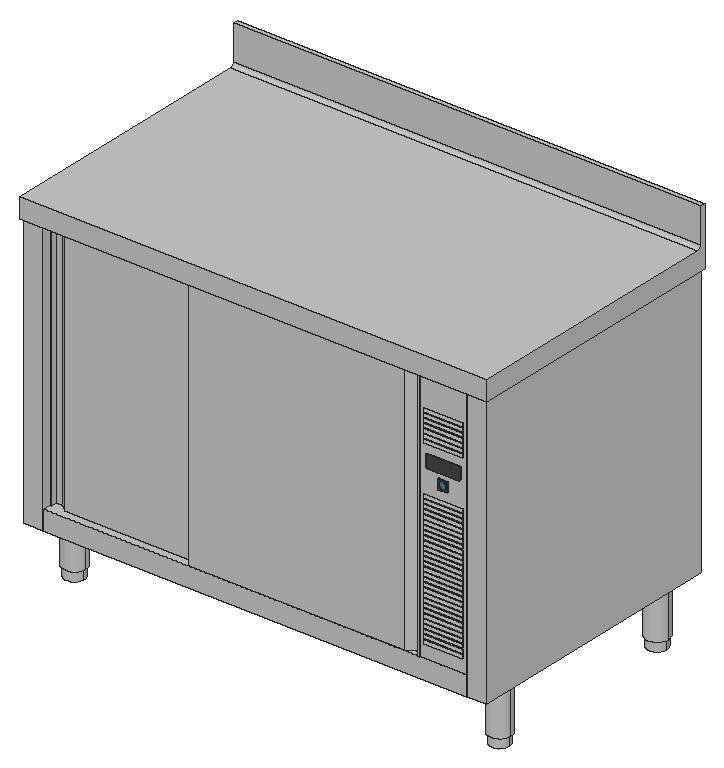
Revit family "QF_ZANUSSI_133093_TC1210EN", category Specialty Equipment, Revit 2021
Family settings
  Round Connector Dimension = Use Diameter
  Part Type = Normal
  Work Plane-Based = No
  Always vertical = Yes
  Cut with Voids When Loaded = No
  Shared = No
  Room Calculation Point = No
Parameters (values of type "Standard")
  Weight = 55.00 kg
  Watts = 0 W
  Volts = 220 V
  URL Manufacturer = "http://www.zanussiprofessional.com"
  URL = "http://www.zanussiprofessional.com"
  Steam Supply Size = 0 mm
  Steam Supply Minimum Pressure = 0.0 Pa
  Steam Supply Maximum Pressure = 0.0 Pa
  Steam Consumption per Hour = 0
  Refrigeration Suction Line Size = 0.0 mm
  Refrigeration Liquid Line Size = 0.0 mm
  Refrigerant Compressor Remote = yes
  Default Elevation = 0.0 mm
  Manufacturer = "Zanussi"
  Phase = 1
  Model = "TC1210EN"
  Length Actual = 1200.0 mm
  Item Number = "133093"
  Hot Water Size = 0 mm
  Height Actual = 1000.0 mm
  HP = "3.2 HP"
  Gas Size = 0 mm
  Gas KW = 0
  Gas Input Pressure = 0 W
  Direct Waste Size = 0 mm
  Description = "HOT CUPBOARD WITH UPSTAND 1200 MM"
  Depth Actual = 700.0 mm
  Cycle = 50 Hz
  Condensate Return Size = 0 mm
  Compressed Air Volume = 0.0 L/s
  Compressed Air Size = 0 mm
  Compressed Air Pressure = 0.0 Pa
  Cold Water Size = 0 mm
  Accessory = no
Reference planes
  plane 1 "Center (Front/Back)": y = 0
  plane 2: z = 0
  plane 3 "Center (Left/Right)": x = -100
  plane 4 "LEFT": x = -700
  plane 5 "RIGHT": x = 500
  plane 6 "BACK": y = 350
  plane 7 "FRONT": y = -350
  plane 8 "Base": z = 850
  plane 9 "TOP": z = 900
  plane 10: x = -646.5
  plane 11: x = 446.5
  plane 12: y = 264.5
  plane 13: y = -241.5
  plane 14 "BodyLeft": x = -694.5
  plane 15 "BodyFront": y = -344.5
  plane 16 "BodyRight": x = 494.5
  plane 17 "BodyBack": y = 344.5
  plane 18 "FEET": z = 150
  plane 19: x = 324.5
  plane 20: x = -161
  plane 21: x = 444.5
  plane 22 "EIx": x = 400
  plane 23 "EIy": y = -170
Forms (mm)
  Extrusion 1, solid, material "QF_Finishes_Stainless Steel"
    sketch origin (-100, 0, 0) x (0, 1, 0) y (0, 0, 1)
      loop
        line (-350, 850) -> (350, 850) -> (350, 1000) -> (337, 1000) -> (337, 910)
        arc (337, 910) -> (334.071, 902.929) -> (327, 900) r 10
        line (327, 900) -> (-350, 900) -> (-350, 850)
    from 600 to -600
  Extrusion 2, solid, material "QF_Finishes_Stainless Steel"
    sketch origin (0, 0, 150) x (-1, 0, 0) y (0, -1, 0)
      loop
        line (694.5, -344.5) -> (694.5, 344.5) -> (644.5, 344.5) -> (644.5, -344.5) -> (694.5, -344.5)
      loop
        line (-444.5, -344.5) -> (-444.5, 344.5) -> (-494.5, 344.5) -> (-494.5, -344.5) -> (-444.5, -344.5)
    from 0 to 700
  Extrusion 3, solid, material "QF_Finishes_Stainless Steel"
    sketch origin (0, 0, 150) x (-1, 0, 0) y (0, -1, 0)
      loop
        line (644.5, -344.5) -> (644.5, 344.5) -> (-444.5, 344.5) -> (-444.5, -344.5) -> (644.5, -344.5)
    from 0 to 50
  Extrusion 4, solid, material "QF_Finishes_Stainless Steel"
    sketch origin (-1, 0, 150) x (-1, 0, 0) y (0, -1, 0)
      loop
        line (-325.5, 344.5) -> (-325.5, 324.5) -> (270.5, 324.5) -> (270.5, 344.5) -> (-285.5, 344.5) -> (-305.5, 329.5) -> (-320.5, 329.5) -> (-320.5, 344.5) -> (-325.5, 344.5)
    from 50 to 700
  Extrusion 5, solid, material "QF_Finishes_Stainless Steel"
    sketch origin (1, 20, 150) x (1, 0, 0) y (0, 1, 0)
      loop
        line (-645.5, -344.5) -> (-640.5, -344.5) -> (-640.5, -329.5) -> (-625.5, -329.5) -> (-605.5, -344.5) -> (-51.5, -344.5) -> (-51.5, -324.5) -> (-645.5, -324.5) -> (-645.5, -344.5)
    from 50 to 700
  Extrusion 6, solid, material "QF_Finishes_Stainless Steel"
    sketch origin (0, 0, 0) x (1, 0, 0) y (0, 1, 0)
      loop
        line (-644.5, -304.5) -> (324.5, -304.5) -> (324.5, 324.5) -> (-644.5, 324.5) -> (-644.5, -304.5)
    from 500 to 540
  Extrusion 7, solid, material "QF_Finishes_Stainless Steel"
    sketch origin (0, 0, 0) x (1, 0, 0) y (0, 1, 0)
      loop
        line (444.5, 344.5) -> (-644.5, 344.5) -> (-644.5, 324.5) -> (444.5, 324.5) -> (444.5, 344.5)
    from 200 to 850
  Extrusion 8, solid, material "QF_Finishes_Stainless Steel"
    sketch origin (0, 0, 150) x (-1, 0, 0) y (0, -1, 0)
      loop
        circle (-400, 170) r 10
    from 0 to -5
Cuts and joins
  joined: Extrusion 3, Extrusion 7
Lines and regions (mm)
  symbolic lines
    curve 1: line (500, 350, 900) -> (-700, 350, 900)
    curve 2: line (-700, 350, 900) -> (-700, -350, 900)
    curve 3: line (-700, -350, 900) -> (500, -350, 900)
    curve 4: line (500, -350, 900) -> (500, 350, 900)
    curve 15: line (500, 337, 900) -> (-700, 337, 900)
  symbolic lines, style "SpecialityEquipmentHiddenLines"
    curve 5: line (-694.5, 344.5, 150) -> (494.5, 344.5, 150)
    curve 6: line (-694.5, -344.5, 150) -> (-694.5, 344.5, 150)
    curve 7: line (494.5, -344.5, 150) -> (-694.5, -344.5, 150)
    curve 8: line (494.5, 344.5, 150) -> (494.5, -344.5, 150)
    curve 9: line (-645.5, -304.5, 150) -> (-49.5, -304.5, 150)
    curve 10: line (-49.5, -304.5, 150) -> (-49.5, -324.5, 150)
    curve 11: line (-645.5, -324.5, 150) -> (324.5, -324.5, 150)
    curve 12: line (324.5, -324.5, 150) -> (324.5, -344.5, 150)
    curve 13: line (-645.5, -304.5, 150) -> (-645.5, -324.5, 150)
    curve 14: line (-271.5, -344.5, 0) -> (-271.5, -324.5, 0)
Dimensions and locks
  plane 4 "LEFT" to plane 5 "RIGHT" = 1200.0 mm
  equal spacing: plane 4 "LEFT", plane 3 "Center (Left/Right)", plane 5 "RIGHT"
  locked: plane 8 "Base" to level at 850
  plane 9 "TOP" to level = 900.0 mm
  plane 6 "BACK" to plane 7 "FRONT" = 700.0 mm
  equal spacing: plane 6 "BACK", plane 1 "Center (Front/Back)", plane 7 "FRONT"
  locked: plane 4 "LEFT" to plane 14 "BodyLeft" at 5.5
  locked: plane 16 "BodyRight" to plane 5 "RIGHT" at 5.5
  locked: plane 15 "BodyFront" to plane 7 "FRONT" at 5.5
  locked: plane 6 "BACK" to plane 17 "BodyBack" at 5.5
  locked: plane 14 "BodyLeft" to plane 10 at 48
  locked: plane 11 to plane 16 "BodyRight" at 48
  locked: plane 13 to plane 15 "BodyFront" at 103
  locked: plane 17 "BodyBack" to plane 12 at 80
  plane 10 to plane 11 = 1093.0 mm
  plane 12 to plane 13 = 506.0 mm
  locked: plane 14 "BodyLeft" to Extrusion 2 sketch curve at 50
  locked: Extrusion 2 sketch curve to Extrusion 2 sketch curve at 50
  equal spacing: plane 10, plane 20, plane 19
  locked: plane 21 to plane 16 "BodyRight" at 50
  locked: plane 19 to plane 21 at 120
  locked: Extrusion 4 sketch curve to plane 20 at 110.5
  locked: plane 20 to Extrusion 5 sketch curve at 110.5
  locked: plane 18 "FEET" to level at 150
  locked: plane 22 "EIx" to plane 5 "RIGHT" at 100
  plane 23 "EIy" to plane 7 "FRONT" = 180.0 mm
  locked: Extrusion 1 to level at 1000
  aligned and locked: level to plane 2
  aligned and locked: plane 10 to nested 1
  aligned and locked: nested 1 to plane 13
  aligned and locked: plane 11 to nested 2
  aligned and locked: nested 2 to plane 13
  aligned and locked: plane 11 to nested 4
  aligned and locked: nested 4 to plane 12
  aligned and locked: plane 10 to nested 3
  aligned and locked: nested 3 to plane 12
  aligned and locked: Extrusion 1 to plane 4 "LEFT"
  aligned and locked: plane 5 "RIGHT" to Extrusion 1
  aligned and locked: curve 2 to plane 4 "LEFT"
  aligned and locked: plane 17 "BodyBack" to Extrusion 2 sketch curve
  aligned and locked: Extrusion 2 sketch curve to plane 15 "BodyFront"
  aligned and locked: Extrusion 2 sketch curve to plane 14 "BodyLeft"
  aligned and locked: plane 16 "BodyRight" to Extrusion 2 sketch curve
  aligned and locked: Extrusion 2 sketch curve to plane 17 "BodyBack"
  aligned and locked: plane 15 "BodyFront" to Extrusion 2 sketch curve
  aligned and locked: Extrusion 3 sketch curve to plane 17 "BodyBack"
  aligned and locked: plane 15 "BodyFront" to Extrusion 3 sketch curve
  aligned and locked: plane 8 "Base" to Extrusion 2
  aligned and locked: plane 8 "Base" to Extrusion 4
  aligned and locked: Extrusion 4 to Extrusion 3
  aligned and locked: Extrusion 1 to plane 8 "Base"
  aligned and locked: plane 9 "TOP" to Extrusion 1
  aligned and locked: curve 5 to plane 17 "BodyBack"
  aligned and locked: plane 14 "BodyLeft" to curve 6
  aligned and locked: plane 15 "BodyFront" to curve 7
  aligned and locked: plane 16 "BodyRight" to curve 8
  aligned and locked: Extrusion 3 to Extrusion 2  (x2)
  aligned and locked: Extrusion 6 sketch curve to Extrusion 2
  aligned and locked: Extrusion 6 sketch curve to Extrusion 5
  aligned and locked: nested 5 to plane 21
  aligned and locked: Extrusion 7 sketch curve to Extrusion 2
  aligned and locked: Extrusion 6 sketch curve to plane 19
Automatic sketch dimensions
  Extrusion 8 sketch curve to plane 22 "EIx" = 0.0 mm
  Extrusion 8 sketch curve to plane 23 "EIy" = 0.0 mm
  curve 14 to plane 15 "BodyFront" = 0.0 mm
  plane 15 "BodyFront" to curve 14 = 20.0 mm
  curve 14 to plane 20 = 110.5 mm
  curve 3 to plane 7 "FRONT" = 0.0 mm
  curve 15 to plane 5 "RIGHT" = 0.0 mm
  curve 4 to plane 6 "BACK" = 0.0 mm
  curve 15 to plane 17 "BodyBack" = 7.5 mm
  Extrusion 1 sketch curve to plane 7 "FRONT" = 0.0 mm
  Extrusion 1 sketch curve to plane 9 "TOP" = 0.0 mm
  Extrusion 1 sketch curve to plane 6 "BACK" = 0.0 mm
  Extrusion 1 sketch curve to plane 8 "Base" = 0.0 mm
  Extrusion 1 sketch curve to plane 17 "BodyBack" = 17.5 mm
  Extrusion 1 sketch curve to plane 17 "BodyBack" = 7.5 mm
  Extrusion 1 sketch curve to Extrusion 1 sketch curve = 90.0 mm
  Extrusion 3 sketch curve to plane 21 = 0.0 mm
  plane 10 to Extrusion 3 sketch curve = 2.0 mm
  Extrusion 4 sketch curve to plane 19 = 0.0 mm
  Extrusion 4 sketch curve to plane 15 "BodyFront" = 0.0 mm  (x2)
  Extrusion 4 sketch curve to Extrusion 4 sketch curve = 5.0 mm
  Extrusion 4 sketch curve to Extrusion 4 sketch curve = 15.0 mm  (x2)
  Extrusion 4 sketch curve to Extrusion 4 sketch curve = 20.0 mm  (x2)
  Extrusion 5 sketch curve to plane 15 "BodyFront" = 20.0 mm  (x2)
  Extrusion 5 sketch curve to plane 10 = 42.0 mm
  Extrusion 5 sketch curve to plane 10 = 22.0 mm
  Extrusion 5 sketch curve to plane 10 = 7.0 mm
  Extrusion 5 sketch curve to plane 10 = 2.0 mm
  Extrusion 5 sketch curve to Extrusion 5 sketch curve = 15.0 mm
  Extrusion 5 sketch curve to Extrusion 5 sketch curve = 20.0 mm
  curve 12 to plane 19 = 0.0 mm
  curve 7 to plane 15 "BodyFront" = 0.0 mm
  plane 3 "Center (Left/Right)" to curve 10 = 50.5 mm
  plane 10 to curve 13 = 1.0 mm
  plane 15 "BodyFront" to curve 9 = 40.0 mm
  plane 15 "BodyFront" to curve 11 = 20.0 mm
  Extrusion 6 sketch curve to plane 17 "BodyBack" = 20.0 mm
  Extrusion 7 sketch curve to plane 21 = 0.0 mm
  Extrusion 7 sketch curve to plane 17 "BodyBack" = 0.0 mm
  Extrusion 7 sketch curve to Extrusion 7 sketch curve = 20.0 mm
  radius of Extrusion 8 sketch curve = 10.0 mm
Nested families
  nested 1: "FEET_D58-150" at (-646.5, -241.5, 0), type "FEET_D58-150"
  nested 2: "FEET_D58-150" at (446.5, -241.5, 0), type "FEET_D58-150"
  nested 3: "FEET_D58-150" at (-646.5, 264.5, 0), type "FEET_D58-150"
  nested 4: "FEET_D58-150" at (446.5, 264.5, 0), type "FEET_D58-150"
  nested 5: "WT_PNL120x650" at (531.42, -304.5, 600) x (1, 0, 0) z (0, -1, 0), type "WT_PNL120x650"
    with Show Logo yes
Connectors
  electrical at (400, -170, 145)
    settings: on Extrusion 8, index 1, voltage 0 V, apparent load 0 VA, apparent load phase1 0 VA, apparent load phase2 0 VA, apparent load phase3 0 VA, power factor 1, load classification "Other", number of poles 1, system type 30, power factor state 1, is connector primary yes, connector utility no, sub classification motor no, connector description "Electrical connection"
Definition of nested family "FEET_D58-150"
  Parameters
    Default Elevation = 0.0 mm
    FEET = 150.0 mm
  Reference planes
    plane 1 "Center (Front/Back)": y = 0
    plane 2: z = 0
    plane 3 "Center (Left/Right)": x = 0
    plane 4: z = 150
  Forms (mm)
    Extrusion 1, solid
      sketch origin (0, 0, 0) x (1, 0, 0) y (0, 1, 0)
        loop
          circle (0, 0) r 25
      from 0 to 25
    Extrusion 2, solid
      sketch origin (0, 0, 0) x (1, 0, 0) y (0, 1, 0)
        loop
          circle (0.061, 0) r 29
      from 25 to 150 <- "FEET"
  Lines and regions (mm)
    symbolic lines
      curve 1: line (0, -1.503, 0) -> (0, 1.508, 0)
      curve 2: line (1.561, 0, 0) -> (-1.439, 0, 0)
  Dimensions and locks
    "FEET": plane 4 to plane 2
    aligned and locked: level to plane 2
  Automatic sketch dimensions
    plane 1 "Center (Front/Back)" to Extrusion 1 sketch curve = 0.0 mm
    Extrusion 1 sketch curve to plane 3 "Center (Left/Right)" = 0.0 mm
    plane 1 "Center (Front/Back)" to curve 2 = 0.0 mm
    curve 1 to plane 3 "Center (Left/Right)" = 0.0 mm
    curve 2 to plane 3 "Center (Left/Right)" = 1.439 mm
    plane 3 "Center (Left/Right)" to curve 2 = 1.561 mm
    plane 1 "Center (Front/Back)" to curve 1 = 1.503 mm
    curve 1 to plane 1 "Center (Front/Back)" = 1.508 mm
    plane 1 "Center (Front/Back)" to Extrusion 2 sketch curve = 0.0 mm
    plane 3 "Center (Left/Right)" to Extrusion 2 sketch curve = 0.061 mm
    radius of Extrusion 1 sketch curve = 25.0 mm
    radius of Extrusion 2 sketch curve = 29.0 mm
Definition of nested family "WT_PNL120x650"
  Parameters
    Show Logo [instance] = yes
    Default Elevation = 1219.2 mm
  Reference planes
    plane 1 "Center (Front/Back)": y = -75
    plane 2: z = 0
    plane 3 "Center (Left/Right)": x = -146.92
    plane 4: x = -206.92
    plane 5: x = -86.92
    plane 6: y = 250
    plane 7: y = -400
    plane 8 "TOP": z = 40
  Forms (mm)
    Extrusion 1, solid
      sketch origin (0, 0, 0) x (1, 0, 0) y (0, 1, 0)
        loop
          line (-1219.2, 1219.2) -> (-1219.2, -1219.2) -> (1219.2, -1219.2) -> (1219.2, 1219.2) -> (-1219.2, 1219.2)
      from 0 to -304.8
    Extrusion 2, solid
      sketch origin (0, 0, 0) x (1, 0, 0) y (0, 1, 0)
        loop
          line (-206.92, 250) -> (-206.92, -400) -> (-86.92, -400) -> (-86.92, 250) -> (-206.92, 250)
      from 0 to 40
    Extrusion 3, void
      sketch origin (0, 0, 40) x (-1, 0, 0) y (0, -1, 0)
        loop
          arc (101.92, -68.899) -> (103.795, -73.256) -> (108.247, -74.89) r 6
          line (108.247, -74.89) -> (185.92, -74.89)
          arc (185.92, -74.89) -> (190.163, -73.133) -> (191.92, -68.89) r 6
          line (191.92, -68.89) -> (191.92, -45.89)
          arc (191.92, -45.89) -> (190.163, -41.648) -> (185.92, -39.89) r 6
          line (185.92, -39.89) -> (107.92, -39.89)
          arc (107.92, -39.89) -> (103.677, -41.648) -> (101.92, -45.89) r 6
          line (101.92, -45.89) -> (101.92, -68.899)
        loop
          line (158.92, -27.89) -> (158.92, -2.89) -> (134.92, -2.89) -> (134.92, -27.89) -> (158.92, -27.89)
      from -2 to 0
    Extrusion 4, solid
      sketch origin (0, 0, 40) x (-1, 0, 0) y (0, -1, 0)
        loop
          line (185.92, -39.89) -> (107.92, -39.89)
          arc (107.92, -39.89) -> (103.677, -41.648) -> (101.92, -45.89) r 6
          line (101.92, -45.89) -> (101.92, -68.899)
          arc (101.92, -68.899) -> (103.795, -73.256) -> (108.247, -74.89) r 6
          line (108.247, -74.89) -> (185.92, -74.89)
          arc (185.92, -74.89) -> (190.163, -73.133) -> (191.92, -68.89) r 6
          line (191.92, -68.89) -> (191.92, -45.89)
          arc (191.92, -45.89) -> (190.163, -41.648) -> (185.92, -39.89) r 6
      from -2 to 1
    Extrusion 5, solid
      sketch origin (-146.92, 0, 0) x (0, 1, 0) y (0, 0, 1)
        loop
          line (95.896, 40) -> (104.899, 40) -> (95.896, 41.206) -> (95.896, 40)
        loop
          line (107.896, 40) -> (116.899, 40) -> (107.896, 41.206) -> (107.896, 40)
        loop
          line (119.896, 40) -> (128.899, 40) -> (119.896, 41.206) -> (119.896, 40)
        loop
          line (131.896, 40) -> (140.899, 40) -> (131.896, 41.206) -> (131.896, 40)
        loop
          line (143.896, 40) -> (152.899, 40) -> (143.896, 41.206) -> (143.896, 40)
        loop
          line (155.896, 40) -> (164.899, 40) -> (155.896, 41.206) -> (155.896, 40)
        loop
          line (167.896, 40) -> (176.899, 40) -> (167.896, 41.206) -> (167.896, 40)
        loop
          line (-102.104, 40) -> (-93.101, 40) -> (-102.104, 41.206) -> (-102.104, 40)
        loop
          line (-90.104, 40) -> (-81.101, 40) -> (-90.104, 41.206) -> (-90.104, 40)
        loop
          line (-78.104, 40) -> (-69.101, 40) -> (-78.104, 41.206) -> (-78.104, 40)
        loop
          line (-66.104, 40) -> (-57.101, 40) -> (-66.104, 41.206) -> (-66.104, 40)
        loop
          line (-54.104, 40) -> (-45.101, 40) -> (-54.104, 41.206) -> (-54.104, 40)
        loop
          line (-42.104, 40) -> (-33.101, 40) -> (-42.104, 41.206) -> (-42.104, 40)
        loop
          line (-30.104, 40) -> (-21.101, 40) -> (-30.104, 41.206) -> (-30.104, 40)
        loop
          line (-174.104, 40) -> (-165.101, 40) -> (-174.104, 41.206) -> (-174.104, 40)
        loop
          line (-162.104, 40) -> (-153.101, 40) -> (-162.104, 41.206) -> (-162.104, 40)
        loop
          line (-150.104, 40) -> (-141.101, 40) -> (-150.104, 41.206) -> (-150.104, 40)
        loop
          line (-138.104, 40) -> (-129.101, 40) -> (-138.104, 41.206) -> (-138.104, 40)
        loop
          line (-126.104, 40) -> (-117.101, 40) -> (-126.104, 41.206) -> (-126.104, 40)
        loop
          line (-114.104, 40) -> (-105.101, 40) -> (-114.104, 41.206) -> (-114.104, 40)
        loop
          line (-246.104, 40) -> (-237.101, 40) -> (-246.104, 41.206) -> (-246.104, 40)
        loop
          line (-234.104, 40) -> (-225.101, 40) -> (-234.104, 41.206) -> (-234.104, 40)
        loop
          line (-222.104, 40) -> (-213.101, 40) -> (-222.104, 41.206) -> (-222.104, 40)
        loop
          line (-210.104, 40) -> (-201.101, 40) -> (-210.104, 41.206) -> (-210.104, 40)
        loop
          line (-198.104, 40) -> (-189.101, 40) -> (-198.104, 41.206) -> (-198.104, 40)
        loop
          line (-186.104, 40) -> (-177.101, 40) -> (-186.104, 41.206) -> (-186.104, 40)
        loop
          line (-318.104, 40) -> (-309.101, 40) -> (-318.104, 41.206) -> (-318.104, 40)
        loop
          line (-306.104, 40) -> (-297.101, 40) -> (-306.104, 41.206) -> (-306.104, 40)
        loop
          line (-294.104, 40) -> (-285.101, 40) -> (-294.104, 41.206) -> (-294.104, 40)
        loop
          line (-282.104, 40) -> (-273.101, 40) -> (-282.104, 41.206) -> (-282.104, 40)
        loop
          line (-270.104, 40) -> (-261.101, 40) -> (-270.104, 41.206) -> (-270.104, 40)
        loop
          line (-258.104, 40) -> (-249.101, 40) -> (-258.104, 41.206) -> (-258.104, 40)
        loop
          line (-366.104, 40) -> (-357.101, 40) -> (-366.104, 41.206) -> (-366.104, 40)
        loop
          line (-354.104, 40) -> (-345.101, 40) -> (-354.104, 41.206) -> (-354.104, 40)
        loop
          line (-342.104, 40) -> (-333.101, 40) -> (-342.104, 41.206) -> (-342.104, 40)
        loop
          line (-330.104, 40) -> (-321.101, 40) -> (-330.104, 41.206) -> (-330.104, 40)
      from -50 to 50
    Extrusion 6, solid
      sketch origin (0, 0, 40) x (-1, 0, 0) y (0, -1, 0)
        loop
          line (134.92, -27.89) -> (158.92, -27.89) -> (158.92, -2.89) -> (134.92, -2.89) -> (134.92, -27.89)
        loop
          circle (146.92, -15.39) r 9
      from -2 to 3
    Extrusion 7, solid
      sketch origin (0, 0, 40) x (-1, 0, 0) y (0, -1, 0)
        loop
          circle (146.92, -15.39) r 9
      from 0 to 3
  Cuts and joins
    Extrusion 3 cuts Extrusion 2
  Dimensions and locks
    equal spacing: plane 6, plane 1 "Center (Front/Back)", plane 7
    equal spacing: plane 4, plane 3 "Center (Left/Right)", plane 5
    plane 8 "TOP" to level = 40.0 mm
    aligned and locked: plane 2 to Extrusion 1
    aligned and locked: level to Extrusion 1
  Automatic sketch dimensions
    Extrusion 1 sketch curve to Extrusion 1 sketch curve = 2438.4 mm  (x2)
    Extrusion 2 sketch curve to plane 4 = 0.0 mm
    Extrusion 2 sketch curve to plane 5 = 0.0 mm
    Extrusion 2 sketch curve to plane 7 = 0.0 mm
    Extrusion 2 sketch curve to plane 6 = 0.0 mm
    Extrusion 5 sketch curve to plane 8 "TOP" = 0.0 mm  (x36)
    Extrusion 5 sketch curve to Extrusion 5 sketch curve = 9.003 mm  (x35)
    plane 8 "TOP" to Extrusion 5 sketch curve = 1.206 mm  (x22)
    Extrusion 5 sketch curve to Extrusion 5 sketch curve = 2.997 mm  (x33)
    plane 1 "Center (Front/Back)" to Extrusion 5 sketch curve = 6.101 mm
    plane 1 "Center (Front/Back)" to Extrusion 5 sketch curve = 3.104 mm
    Extrusion 5 sketch curve to plane 1 "Center (Front/Back)" = 5.899 mm
    Extrusion 5 sketch curve to Extrusion 5 sketch curve = 116.997 mm
    Extrusion 5 sketch curve to Extrusion 5 sketch curve = 1.206 mm  (x14)
    Extrusion 4 sketch curve to plane 5 = 15.0 mm
    Extrusion 4 sketch curve to Extrusion 4 sketch curve = 6.0 mm  (x3)
    Extrusion 4 sketch curve to Extrusion 4 sketch curve = 0.327 mm
    plane 4 to Extrusion 4 sketch curve = 21.0 mm  (x2)
    Extrusion 4 sketch curve to plane 1 "Center (Front/Back)" = 149.89 mm
    Extrusion 4 sketch curve to Extrusion 4 sketch curve = 23.009 mm
    Extrusion 3 sketch curve to plane 5 = 15.0 mm
    Extrusion 3 sketch curve to Extrusion 3 sketch curve = 6.0 mm  (x3)
    Extrusion 3 sketch curve to Extrusion 3 sketch curve = 0.327 mm
    plane 3 "Center (Left/Right)" to Extrusion 3 sketch curve = 12.0 mm
    Extrusion 3 sketch curve to plane 3 "Center (Left/Right)" = 12.0 mm
    plane 4 to Extrusion 3 sketch curve = 21.0 mm  (x2)
    Extrusion 3 sketch curve to plane 1 "Center (Front/Back)" = 149.89 mm
    Extrusion 3 sketch curve to Extrusion 3 sketch curve = 23.0 mm
    Extrusion 3 sketch curve to Extrusion 3 sketch curve = 12.0 mm
    Extrusion 3 sketch curve to Extrusion 3 sketch curve = 25.0 mm
    Extrusion 6 sketch curve to plane 3 "Center (Left/Right)" = 0.0 mm
    plane 3 "Center (Left/Right)" to Extrusion 6 sketch curve = 12.0 mm
    Extrusion 6 sketch curve to plane 3 "Center (Left/Right)" = 12.0 mm
    Extrusion 6 sketch curve to plane 1 "Center (Front/Back)" = 102.89 mm
    Extrusion 6 sketch curve to Extrusion 6 sketch curve = 12.5 mm  (x2)
    Extrusion 7 sketch curve to plane 3 "Center (Left/Right)" = 0.0 mm
    Extrusion 7 sketch curve to plane 1 "Center (Front/Back)" = 90.39 mm
    radius of Extrusion 6 sketch curve = 9.0 mm
    radius of Extrusion 7 sketch curve = 9.0 mm
